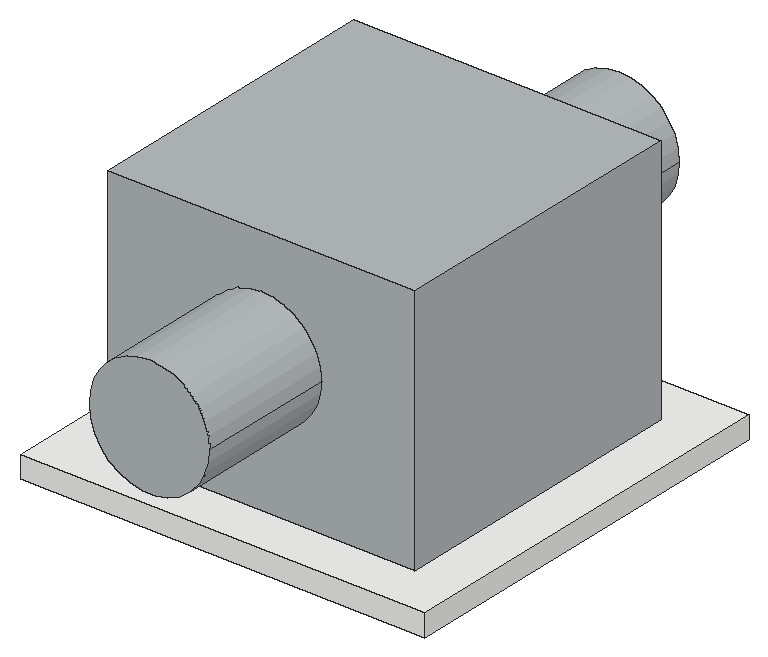
Revit family "vd-13_15zf14_60Hz", category 機械設備, Revit 2019
Family settings
  丸型コネクタ寸法 = 直径を使用
  パーツ タイプ = 標準
  OmniClass 番号 = 23.75.35.17.27
  OmniClass タイトル = Centrifugal Fans
  作業面ベース = いいえ
  常に垂直 = はい
  ロード時にボイドで切り取り = いいえ
  共有 = いいえ
  部屋計算ポイント = はい
Parameters (values of type "VD-15ZF14")
  騒音レベル(dB(A)) [instance] = 35
  風量 [instance] = 210.0 m³/h
  電源種別 [instance] = ""
  電圧 = 100 V
  電動機出力 = 0 W
  電動機_種別 [instance] = ""
  運転質量 = 0.00 kg
  連動 [instance] = ""
  質量 = if(製品質量 > 運転質量, 製品質量, 運転質量) * 1.2  # 5.04 kg
  負荷分類 = 3_ファン類
  説明 = "ダクト用換気扇 2部屋換気用 低騒音形"
  設計風量 [instance] = 0.0 m³/h
  設置方法 = "天埋"
  記号 [instance] = ""
  製造元 = "三菱電機株式会社"
  製品質量 = 4.20 kg
  製品出荷対象 = "国内"
  製品リリース年月 = "2024年6月3日"
  製品グループ = ""
  系統 [instance] = ""
  符号 [instance] = if(☑給気／□排気, "FS", "FE")  # "FE"
  積算_科目 = "2 換気設備"
  積算_拾い区分 [instance] = ""
  相 = 1
  盤記号 [instance] = ""
  発停方法 [instance] = ""
  特殊仕様 [instance] = ""
  火災停止 [instance] = ""
  消費電力 = 23 W
  法定耐用年数 = "15"
  機外静圧 [instance] = 0.0 Pa
  極数 = 2
  材質 [instance] = ""
  操作・制御方式 = ""
  操作・制御スイッチ = ""
  排気量 [instance] = if(☑給気／□排気, 0.0 m³/h, 設計風量)  # 0.0 m³/h
  形式 = "天井埋込ダクト形"
  幹線記号 [instance] = ""
  対象室 [instance] = ""
  実風量 [instance] = 0.0 m³/h
  始動方式 [instance] = "直入"
  外気量 [instance] = if(☑給気／□排気, 設計風量, 0.0 m³/h)  # 0.0 m³/h
  呼称 = "天井扇"
  周波数 = 60 Hz
  参照している仕様書等のバージョン = ""
  分類コード = "50052503100030"
  分類グループ = ""
  価格 = 37300
  企業コード = "108420"
  付属品_防振装置 = ""
  付属品 [instance] = ""
  仕様書バージョン = "Version1.0"
  モデル = "VD-15ZF14"
  マテリアル = 鋼板
  ファンの種類 = ""
  ダクト径 = 100 mm
  コメント [instance] = ""
  Keynote = ""
  カバーマテリアル = 合成樹脂(白)
  ☑給気／□排気 [instance] = no
  Width = 251 mm
  W1 = 330 mm
  Version = ""
  Uniclass2015Version = "Systems v1.9"
  Uniclass2015Title = "Centrifugal fans"
  Uniclass2015Code = "Pr_65_67_29_12"
  URL = "https://www.mitsubishielectric.co.jp/ldg/wink/qr/002/333606/"
  SpecificationReference = ""
  SpecificationDescription = ""
  Revision = ""
  RAダクト接続口_3 = no
  RAダクト接続口_2 = no
  RAダクト接続口_1 = yes
  RAサイズ_D = 98 mm
  RA_Duct_Height = 111 mm
  RA_Duct_Depth = 114 mm
  ProductInformation = ""
  OmniClassCode = "23-33 31 19 11 15"
  MIN風量 = 0.0 m³/h
  MIN静圧 = 0.0 Pa
  MID風量 = 0.0 m³/h
  MID静圧 = 0.0 Pa
  MAX風量 = 210.0 m³/h
  MAX静圧 = 0.0 Pa
  IfcTypeProduct = ""
  IfcProduct = ""
  IfcExportType = "PROPELLORAXIAL"
  IfcExportAs = "IfcFanType"
  Height = 204 mm
  H1 = 18 mm
  EAサイズ_D = 98 mm
  EA_Duct_Height = 111 mm
  EA_Duct_Depth = 114 mm
  Duct_Height = 111 mm
  Duct_Depth = 114 mm
  Duct_Center = 0 mm
  Depth = 251 mm
  D1 = 330 mm
  Box_Width = 24.336 mm
  Box_W = 104.664 mm
  Box_Height = 87 mm
  Box_H = 41.608 mm
  Author = "三菱電機株式会社"
Types (2, lengths in mm): name | 騒音レベル(dB(A)) | 風量 | 消費電力 | 価格 | モデル | URL | MAX風量
  VD-13ZF14 | 28.5 | 170.0 m³/h | 15.5 W | 33900 | "VD-13ZF14" | "https://www.mitsubishielectric.co.jp/ldg/wink/qr/002/333586/" | 170.0 m³/h
  VD-15ZF14 | 35 | 210.0 m³/h | 23 W | 37300 | "VD-15ZF14" | "https://www.mitsubishielectric.co.jp/ldg/wink/qr/002/333606/" | 210.0 m³/h
Reference planes
  plane 1 "中心(正面/背面)": y = 0
  plane 2: z = 0
  plane 3 "中心(左/右)": x = 0
  plane 4: x = -165
  plane 5: x = 165
  plane 6: y = 165
  plane 7: y = -165
  plane 8: x = -125.5
  plane 9: x = 125.5
  plane 10: y = 125.5
  plane 11: y = -125.5
  plane 12: y = -239.5
  plane 13: z = 204
  plane 14: z = -18
  plane 15: z = 111
  plane 16: x = 0
  plane 17: y = 239.5
  plane 18: z = 111
  plane 19: x = 239.5
  plane 20: x = -239.5
  plane 21: z = 111
  plane 22: x = 104.664
  plane 23: x = 80.327
  plane 24: z = 23.608
  plane 25: z = 110.608
Forms (mm)
  Extrusion 1, solid, material "鋼板" <- "マテリアル", detail levels fine
    sketch origin (0, 0, 0) x (1, 0, 0) y (0, 1, 0)
      loop
        line (-125.5, 125.5) -> (-125.5, -125.5) -> (125.5, -125.5) -> (125.5, 125.5) -> (-125.5, 125.5)
    from 0 to 204
  Extrusion 2, solid, material "合成樹脂(白)" <- "カバーマテリアル", detail levels fine
    sketch origin (0, 0, 0) x (1, 0, 0) y (0, 1, 0)
      loop
        line (-165, 165) -> (-165, -165) -> (165, -165) -> (165, 165) -> (-165, 165)
    from 0 to -18
  Extrusion 3, solid, material "鋼板" <- "マテリアル", detail levels fine
    sketch origin (0, 0, 0) x (1, 0, 0) y (0, 0, 1)
      loop
        circle (0, 111) r 49
    from 125.5 to 239.5
  Extrusion 4, solid, material "鋼板" <- "マテリアル", visible <- "RAダクト接続口_1", detail levels fine
    sketch origin (1.655, 0, 0) x (1, 0, 0) y (0, 0, 1)
      loop
        circle (-1.655, 111) r 49
    from -239.5 to -125.5
  Extrusion 5, solid, material "鋼板" <- "マテリアル", visible <- "RAダクト接続口_3", detail levels fine
    sketch origin (0, 0, 0) x (0, 1, 0) y (0, 0, 1)
      loop
        circle (0, 111) r 49
    from -239.5 to -125.5
  Extrusion 6, solid, material "鋼板" <- "マテリアル", visible <- "RAダクト接続口_2", detail levels fine
    sketch origin (0, 0, 0) x (0, 1, 0) y (0, 0, 1)
      loop
        circle (0, 111) r 49
    from 125.5 to 239.5
Dimensions and locks
  equal spacing: plane 4, plane 3 "中心(左/右)", plane 5
  "W1": plane 4 to plane 5
  equal spacing: plane 6, plane 1 "中心(正面/背面)", plane 7
  "D1": plane 6 to plane 7
  equal spacing: plane 8, plane 3 "中心(左/右)", plane 9
  "Width": plane 8 to plane 9
  equal spacing: plane 10, plane 1 "中心(正面/背面)", plane 11
  "Depth": plane 10 to plane 11
  "EA_Duct_Depth": plane 11 to plane 12
  "Height": plane 13 to plane 2
  "EA_Duct_Height": plane 15 to plane 2
  "H1": plane 2 to plane 14
  "Duct_Center": plane 3 "中心(左/右)" to plane 16
  "RA_Duct_Height": level to plane 18
  "RA_Duct_Depth": plane 17 to plane 10
  "RA_Duct_Depth": plane 9 to plane 19
  "RA_Duct_Depth": plane 20 to plane 8
  "RA_Duct_Height": plane 21 to level
  "Box_W": plane 22 to plane 3 "中心(左/右)"
  "Box_Width": plane 22 to plane 23
  "Box_H": plane 24 to plane 14
  "Box_Height": plane 25 to plane 24
  "EAサイズ_D": diameter of Extrusion 3 sketch curve
  "RAサイズ_D": diameter of Extrusion 4 sketch curve
  "RAサイズ_D": diameter of Extrusion 6 sketch curve
  "RAサイズ_D": diameter of Extrusion 6
  aligned and locked: level to plane 2
  aligned and locked: plane 5 to Extrusion 2
  aligned and locked: plane 6 to Extrusion 2
  aligned and locked: Extrusion 2 to plane 4
  aligned and locked: Extrusion 2 to plane 7
  aligned and locked: plane 9 to Extrusion 1
  aligned and locked: Extrusion 1 to plane 11
  aligned and locked: Extrusion 1 to plane 8
  aligned and locked: plane 10 to Extrusion 1
  aligned and locked: plane 13 to Extrusion 1
  aligned and locked: Extrusion 2 to plane 14
  aligned and locked: level to Extrusion 2
  aligned and locked: Extrusion 1 to level
  aligned and locked: Extrusion 3 to plane 12
  aligned and locked: plane 11 to Extrusion 3
  aligned and locked: plane 17 to Extrusion 4
  aligned and locked: Extrusion 4 to plane 10
  aligned and locked: plane 8 to Extrusion 5
  aligned and locked: Extrusion 5 to plane 20
  aligned and locked: Extrusion 6 to plane 9
  aligned and locked: plane 19 to Extrusion 6
Automatic sketch dimensions
  Extrusion 1 sketch curve to plane 3 "中心(左/右)" = 125.5 mm
  plane 3 "中心(左/右)" to Extrusion 1 sketch curve = 125.5 mm
  Extrusion 2 sketch curve to plane 3 "中心(左/右)" = 165 mm
  plane 3 "中心(左/右)" to Extrusion 2 sketch curve = 165 mm
  plane 1 "中心(正面/背面)" to Extrusion 1 sketch curve = 125.5 mm
  Extrusion 1 sketch curve to plane 1 "中心(正面/背面)" = 125.5 mm
  plane 1 "中心(正面/背面)" to Extrusion 2 sketch curve = 165 mm
  Extrusion 2 sketch curve to plane 1 "中心(正面/背面)" = 165 mm
  Extrusion 3 sketch curve to plane 15 = 0 mm
  Extrusion 3 sketch curve to plane 16 = 0 mm
  Extrusion 4 sketch curve to plane 16 = 0 mm
  Extrusion 4 sketch curve to plane 18 = 0 mm
  Extrusion 6 sketch curve to plane 1 "中心(正面/背面)" = 0 mm
  Extrusion 6 sketch curve to plane 18 = 0 mm
  Extrusion 5 sketch curve to plane 1 "中心(正面/背面)" = 0 mm
  Extrusion 5 sketch curve to plane 18 = 0 mm
  radius of Extrusion 5 sketch curve = 49 mm
Nested families
  nested 1: "記号_天井換気扇_平面" at (0, 0, 0), type "記号_天井換気扇_平面", detail levels coarse+medium
Connectors
  hvac at (0, -239.5, 111), driven by "ダクト径", driven by "風量", driven by "機外静圧"
    settings: on Extrusion 3, index 1, duct flow 210.0 m³/h, flow factor 0, pres drop 0.0 Pa, loss coef 0, conn angle 0.00°, conn width 304.8 mm, conn height 304.8 mm, conn diameter 100 mm, duct sys type 3, conn prof type 0, flow config 0, flow direction 2, loss method 4, conn ref index -1, conn util no, is conn primary yes, conn desc ""
  electrical at (0, 0, 204), driven by "極数", driven by "負荷分類", driven by "電圧", driven by "消費電力"
    settings: on Extrusion 1, index 2, voltage 100 V, apparent load 23 VA, apparent load phase1 0 VA, apparent load phase2 0 VA, apparent load phase3 0 VA, power factor 1, load classification "3_ファン類", number of poles 2, system type 30, power factor state 1, is connector primary yes, connector utility no, sub classification motor no, connector description ""
  hvac at (0, 239.5, 111), driven by "ダクト径", driven by "機外静圧", driven by "風量"
    settings: on Extrusion 4, index 4, duct flow 210.0 m³/h, flow factor 0, pres drop 0.0 Pa, loss coef 0, conn angle 0.00°, conn width 304.8 mm, conn height 304.8 mm, conn diameter 100 mm, duct sys type 2, conn prof type 0, flow config 0, flow direction 1, loss method 4, conn ref index -1, conn util no, is conn primary no, conn desc ""
  hvac at (239.5, 0, 111), driven by "RAサイズ_D", driven by "機外静圧", driven by "風量"
    settings: on Extrusion 6, index 5, duct flow 210.0 m³/h, flow factor 0, pres drop 0.0 Pa, loss coef 0, conn angle 0.00°, conn width 304.8 mm, conn height 304.8 mm, conn diameter 98 mm, duct sys type 2, conn prof type 0, flow config 0, flow direction 1, loss method 4, conn ref index -1, conn util no, is conn primary no, conn desc ""
  hvac at (-239.5, 0, 111), driven by "RAサイズ_D", driven by "機外静圧", driven by "風量"
    settings: on Extrusion 5, index 6, duct flow 210.0 m³/h, flow factor 0, pres drop 0.0 Pa, loss coef 0, conn angle 0.00°, conn width 304.8 mm, conn height 304.8 mm, conn diameter 98 mm, duct sys type 2, conn prof type 0, flow config 0, flow direction 1, loss method 4, conn ref index -1, conn util no, is conn primary no, conn desc ""
Definition of nested family "記号_天井換気扇_平面"
  Reference planes
    plane 1: y = 0
    plane 2: x = 0
  Lines and regions (mm)
    detail lines
      curve 1: line (-2.5, 2.5, 0) -> (2.5, 2.5, 0)
      curve 2: line (-2.5, -2.5, 0) -> (-2.5, 2.5, 0)
      curve 3: line (2.5, -2.5, 0) -> (-2.5, -2.5, 0)
      curve 4: line (2.5, 2.5, 0) -> (2.5, -2.5, 0)
      curve 5: circle (-1.04, -1.04, 0) r 1.46 normal (0, 0, 1)
      curve 6: circle (1.04, 1.04, 0) r 1.46 normal (0, 0, 1)
      curve 7: line (-3.125, 3.125, 0) -> (3.125, 3.125, 0)
      curve 8: line (-3.125, -3.125, 0) -> (-3.125, 3.125, 0)
      curve 9: line (3.125, -3.125, 0) -> (-3.125, -3.125, 0)
      curve 10: line (3.125, 3.125, 0) -> (3.125, -3.125, 0)
      curve 11: circle (1.295, 1.295, 0) r 1.83 normal (0, 0, 1)
      curve 12: circle (-1.295, -1.295, 0) r 1.83 normal (0, 0, 1)
      curve 13: line (-2, 2, 0) -> (2, 2, 0)
      curve 14: line (-2, -2, 0) -> (-2, 2, 0)
      curve 15: line (2, -2, 0) -> (-2, -2, 0)
      curve 16: line (2, 2, 0) -> (2, -2, 0)
      curve 17: circle (0.84, 0.84, 0) r 1.16 normal (0, 0, 1)
      curve 18: circle (-0.84, -0.84, 0) r 1.2 normal (0, 0, 1)
